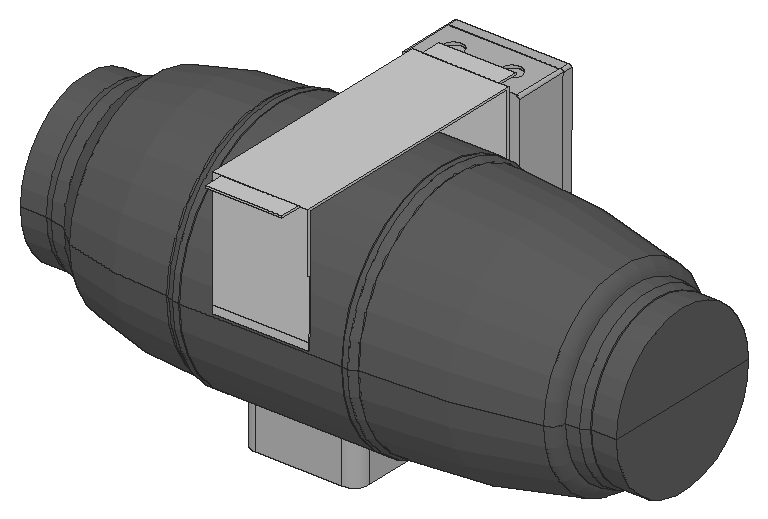
Revit family "VENTS-TT_SILENT_M_EC", category Mechanical Equipment, Revit 2019
Family settings
  Round Connector Dimension = Use Diameter
  Classification = None
  Part Type = Breaks Into
  OmniClass Number = 23.75.35.17.11
  OmniClass Title = Fans for Air Ductwork
  Work Plane-Based = No
  Always vertical = No
  Cut with Voids When Loaded = No
  Shared = No
  Room Calculation Point = No
Parameters (values of type "TT Silent-M 160 EC")
  Weight = 6.00 kg
  Voltage = 230 V
  URL = "https://ventilation-system.com/product/tt-silent-m-160-ec"
  Type Comments = "Inline mixed-flow fan TT Silent-M 160 EC"
  Transported Air Temperature (°C) = "-25...+55"
  RPM (min-1) = 3390
  R1 = D1 / 2  # 122 mm
  Protection rating = "IPX4"
  Power Factor = 1
  Number of Poles = 1
  Noise Level at 3 m (dBa) = 38
  Mounting Hanger [instance] = yes
  Maintenance Zone Length Calc = if(Maintenance Zone Length < L, L, Maintenance Zone Length)  # 600 mm
  L27 = 6 mm
  L26 = 8 mm
  L25 = L21 - L22 - L23 - L24 - L26 - L27  # 163 mm
  L24 = 11 mm
  L21 = 209 mm
  L17 = 6 mm
  L16 = 8 mm
  L15 = L11 - L12 - L13 - L14 - L16 - L17  # 107 mm
  L14 = 21 mm
  L11 = 163 mm
  HangerW = 93 mm
  HangerL1 = 244 mm
  HangerL = 244 mm
  HangerH = HangerBaseH  # 126 mm
  HangerExtraL = yes
  HangerBaseH = 126 mm
  Model = "TT Silent-M 160 EC"
  Manufacturer = "Vents"
  Maintenance Zone Width = 600 mm
  Maintenance Zone Material = Maintenance Zone
  Maintenance Zone Length = 600 mm
  Maintenance Zone Height = 600 mm
  Maintenance Zone [instance] = no
  Load Classification = HVAC
  L23 = 13 mm
  L22 = 8 mm
  L2 = 25 mm
  L13 = 13 mm
  L12 = 8 mm
  L1 = 25 mm
  L = 580 mm
  Hanger Material = Metal Zinc
  Flow direction symbol [instance] = yes
  Flow Factor [instance] = 1  # constant formula
  Family Version = "1.0"  # constant formula
  ElBoxW = 150 mm
  ElBoxType2 = yes
  ElBoxType1 = yes
  ElBoxR = 15 mm  # constant formula
  ElBoxL = 114 mm
  ElBoxH = 137 mm
  Distribution Box Material = Distribution Box Dark Grey
  Description = "Inline mixed-flow fan in sound- and heat-insulated casing for round ducts"
  Dd26 = 39 mm
  Dd24 = 17 mm
  Dd22 = 3 mm
  Dd23 = 5 mm
  Dd16 = 39 mm
  Dd14 = 23 mm
  Dd13 = 5 mm
  Dd12 = 3 mm
  D1 = 244 mm
  D = 160 mm
  Copyright = "©Vents"
  Duct Connection Size = 160 mm
  Fan Material = Metal Black
  Maximum Air Flow = 600 m³/h
  Air Flow [instance] = 0 m³/h
  Power = 55 W
  Current = 0.48 A
  Apparent Power = Power / Power Factor  # 55 VA
Types (7, lengths in mm): name | Weight | URL | Type Comments | RPM (min-1) | R1 | Noise Level at 3 m (dBa) | Maintenance Zone Length Calc | L27 | L26 | L25 | L24 | L21 | L17 | L16 | L15 | L14 | L11 | HangerW | HangerL1 | HangerL | HangerH | HangerExtraL | HangerBaseH | Model | L2 | L13 | L12 | L1 | L | ElBoxW | ElBoxType1 | ElBoxL | ElBoxH | Dd26 | Dd24 | Dd22 | Dd23 | Dd16 | Dd14 | Dd13 | Dd12 | D1 | D | Duct Connection Size | Maximum Air Flow | Power | Current | Apparent Power
  TT Silent-M 100 EC | 4.90 kg | "https://ventilation-system.com/product/tt-silent-m-100-ec" | "Inline mixed-flow fan TT Silent-M 100 EC" | 3680 | 107 | 37 | 600 | 6 | 8 | 110 | 39 | 184 | 6 | 8 | 70 | 34 | 139 | 93 | 214 | 214 | 113 | yes | 113 | "TT Silent-M 100 EC" | 25 | 13 | 8 | 25 | 505 | 116 | yes | 98 | 124 | 54 | 39 | 3 | 4 | 54 | 39 | 4 | 3 | 214 | 100 | 100 | 300 m³/h | 30 W | 0.29 A | 30 VA
  TT Silent-M 125 EC | 4.80 kg | "https://ventilation-system.com/product/tt-silent-m-125-ec" | "Inline mixed-flow fan TT Silent-M 125 EC" | 3750 | 107 | 43 | 600 | 6 | 8 | 110 | 24 | 169 | 6 | 8 | 64 | 24 | 123 | 93 | 214 | 214 | 113 | yes | 113 | "TT Silent-M 125 EC" | 25 | 13 | 8 | 25 | 474 | 116 | yes | 98 | 124 | 41 | 26 | 3 | 4 | 41 | 28 | 4 | 3 | 214 | 125 | 125 | 450 m³/h | 40 W | 0.37 A | 40 VA
  TT Silent-M 150 EC | 6.00 kg | "https://ventilation-system.com/product/tt-silent-m-150-ec" | "Inline mixed-flow fan TT Silent-M 150 EC" | 3390 | 122 | 38 | 600 | 6 | 8 | 163 | 11 | 209 | 6 | 8 | 109 | 19 | 163 | 93 | 244 | 244 | 126 | yes | 126 | "TT Silent-M 150 EC" | 25 | 13 | 8 | 25 | 580 | 150 | yes | 114 | 137 | 44 | 22 | 3 | 4 | 45 | 28 | 4 | 3 | 244 | 150 | 150 | 600 m³/h | 55 W | 0.48 A | 55 VA
  TT Silent-M 160 EC | 6.00 kg | "https://ventilation-system.com/product/tt-silent-m-160-ec" | "Inline mixed-flow fan TT Silent-M 160 EC" | 3390 | 122 | 38 | 600 | 6 | 8 | 163 | 11 | 209 | 6 | 8 | 107 | 21 | 163 | 93 | 244 | 244 | 126 | yes | 126 | "TT Silent-M 160 EC" | 25 | 13 | 8 | 25 | 580 | 150 | yes | 114 | 137 | 39 | 17 | 3 | 5 | 39 | 23 | 5 | 3 | 244 | 160 | 160 | 600 m³/h | 55 W | 0.48 A | 55 VA
  TT Silent-M 200 EC | 8.60 kg | "https://ventilation-system.com/product/tt-silent-m-200-ec" | "Inline mixed-flow fan TT Silent-M 200 EC" | 3390 | 146.5 | 43 | 600 | 9 | 6 | 122 | 21 | 179 | 9 | 6 | 116 | 10 | 148 | 135 | 275 | 344 | 149 | no | 149 | "TT Silent-M 200 EC" | 30 | 4 | 3 | 30 | 558 | 104 | no | 104 | 53 | 44 | 27 | 4 | 5 | 44 | 9 | 2 | 1 | 293 | 200 | 200 | 1040 m³/h | 123 W | 1.02 A | 123 VA
  TT Silent-M 250 EC | 12.50 kg | "https://ventilation-system.com/product/tt-silent-m-250-ec" | "Inline mixed-flow fan TT Silent-M 250 EC" | 2870 | 179 | 42 | 664 | 9 | 6 | 159 | 23 | 218 | 9 | 6 | 144 | 10 | 176 | 150 | 332 | 402 | 182 | no | 182 | "TT Silent-M 250 EC" | 32 | 4 | 3 | 32 | 664 | 104 | no | 104 | 53 | 52 | 30 | 5 | 6 | 52 | 6 | 2 | 1 | 358 | 250 | 250 | 1285 m³/h | 169 W | 1.38 A | 169 VA
  TT Silent-M 315 EC | 19.80 kg | "https://ventilation-system.com/product/tt-silent-m-315-ec" | "Inline mixed-flow fan TT Silent-M 315 EC" | 2826 | 216 | 46 | 785 | 10 | 6 | 154 | 27 | 218 | 10 | 6 | 153 | 10 | 195 | 200 | 396 | 478 | 219 | no | 219 | "TT Silent-M 315 EC" | 32 | 8 | 8 | 32 | 785 | 104 | no | 104 | 53 | 52 | 30 | 5 | 6 | 55 | 6 | 2 | 1 | 432 | 315 | 315 | 1970 m³/h | 284 W | 1.25 A | 284 VA
Reference planes
  plane 1 "Center (Front/Back)": y = 0
  plane 2: z = 0
  plane 3 "Center (Left/Right)": x = 0
  plane 4: y = 80
  plane 5: y = -80
  plane 6: y = 122
  plane 7: y = -122
  plane 8: x = 580
  plane 9 "C": x = 346
  plane 10: x = 188
  plane 11 "CenterL": x = 290
  plane 12: x = 25
  plane 13: x = 182
  plane 14: y = 83
  plane 15 "CenterOfCentralPart": x = 267
  plane 16: y = 75
  plane 17: y = -75
  plane 18: x = 210
  plane 19: x = 324
  plane 20 "ElBoxHeight": z = -137
  plane 21 "HangerHeight": z = 126
  plane 22: y = 85
  plane 23: y = 103
  plane 24: x = 67
  plane 25: x = 46
  plane 26: x = 33
  plane 27: x = 174
  plane 28: y = 119
  plane 29: x = 175
  plane 30: x = 352
  plane 31: y = 83
  plane 32: y = 85
  plane 33: y = 97
  plane 34: x = 523
  plane 35: x = 534
  plane 36: x = 547
  plane 37: x = 360
  plane 38: y = 119
  plane 39: x = 359
  plane 40: x = 555
Forms (mm)
  Revolve 1, solid, material "Metal Black" <- "Fan Material", detail levels medium+fine
    sketch origin (368, 0, 0) x (1, 0, 0) y (0, 1, 0)
      loop
        line (-343, 0) -> (-180, 0) -> (-180, 122) -> (-186, 122) -> (-193, 119) -> (-194, 119)
        arc (-194, 119) -> (-248.095, 114.978) -> (-301, 103) r 365.781
        arc (-301, 103) -> (-311.675, 94.204) -> (-322, 85) r 355.908
        line (-322, 85) -> (-335, 83) -> (-343, 80) -> (-343, 0)
      axis (-180, 0) -> (-343, 0)
    angle from 0 to 360
  Revolve 2, solid, material "Metal Black" <- "Fan Material", detail levels medium+fine
    sketch origin (368, 0, 0) x (1, 0, 0) y (0, 1, 0)
      loop
        line (187, 80) -> (187, 0) -> (212, 0) -> (212, 80) -> (187, 80)
      axis (212, 0) -> (187, 0)
    angle from 0 to 360
  Revolve 3, solid, material "Metal Black" <- "Fan Material", detail levels medium+fine
    sketch origin (368, 0, 0) x (1, 0, 0) y (0, 1, 0)
      loop
        line (-368, 80) -> (-368, 0) -> (-343, 0) -> (-343, 80) -> (-368, 80)
      axis (-343, 0) -> (-368, 0)
    angle from 0 to 360
  Revolve 4, solid, material "Metal Black" <- "Fan Material", detail levels medium+fine
    sketch origin (0, 0, 0) x (1, 0, 0) y (0, 1, 0)
      loop
        line (188, 122) -> (188, 0) -> (346, 0) -> (346, 122) -> (188, 122)
      axis (188, 0) -> (346, 0)
    angle from 0 to 360
  Extrusion 5, solid, material "Distribution Box Dark Grey" <- "Distribution Box Material", visible <- "ElBoxType1", detail levels medium+fine
    sketch origin (0, 0, 0) x (1, 0, 0) y (0, 1, 0)
      loop
        arc (225, 75) -> (214.393, 70.607) -> (210, 60) r 15
        line (210, 60) -> (210, -60)
        arc (210, -60) -> (214.393, -70.607) -> (225, -75) r 15
        line (225, -75) -> (309, -75)
        arc (309, -75) -> (319.607, -70.607) -> (324, -60) r 15
        line (324, -60) -> (324, 60)
        arc (324, 60) -> (319.607, 70.607) -> (309, 75) r 15
        line (309, 75) -> (225, 75)
    from 0 to -137
  Revolve 6, solid, material "Metal Black" <- "Fan Material", detail levels medium+fine
    sketch origin (117, 0, 0) x (-1, 0, 0) y (0, 1, 0)
      loop
        line (-438, 0) -> (-229, 0) -> (-229, 122) -> (-235, 122) -> (-242, 119) -> (-243, 119)
        arc (-243, 119) -> (-325.239, 113.475) -> (-406, 97) r 614.841
        arc (-406, 97) -> (-413.227, 92.583) -> (-417, 85) r 15.31
        line (-417, 85) -> (-430, 83) -> (-438, 80) -> (-438, 0)
      axis (-229, 0) -> (-438, 0)
    angle from 0 to 360
Cuts and joins
  joined: Revolve 1, Revolve 3
Dimensions and locks
  equal spacing: plane 4, plane 1 "Center (Front/Back)", plane 5
  "D": plane 4 to plane 5
  equal spacing: plane 7, plane 1 "Center (Front/Back)", plane 6
  "D1": plane 6 to plane 7
  "L": plane 3 "Center (Left/Right)" to plane 8
  equal spacing: plane 3 "Center (Left/Right)", plane 11 "CenterL", plane 8
  "L1": plane 3 "Center (Left/Right)" to plane 12
  "Dd12": plane 14 to plane 4
  equal spacing: plane 10, plane 15 "CenterOfCentralPart", plane 9 "C"
  equal spacing: plane 17, plane 1 "Center (Front/Back)", plane 16
  "ElBoxW": plane 16 to plane 17
  equal spacing: plane 18, plane 15 "CenterOfCentralPart", plane 19
  "ElBoxL": plane 18 to plane 19
  "ElBoxH": level to plane 20 "ElBoxHeight"
  "HangerBaseH": plane 21 "HangerHeight" to level
  "Dd13": plane 22 to plane 4
  "Dd14": plane 23 to plane 4
  "L11": plane 12 to plane 10
  "L12": plane 12 to plane 26
  "L13": plane 26 to plane 25
  "L14": plane 25 to plane 24
  "L17": plane 13 to plane 10
  "L16": plane 27 to plane 13
  "Dd16": plane 28 to plane 4
  locked: plane 27 to plane 29 at 1
  "L23": plane 36 to plane 35
  "L24": plane 35 to plane 34
  "L26": plane 37 to plane 30
  locked: plane 37 to plane 39 at 1
  "L2": plane 40 to plane 8
  "L21": plane 9 "C" to plane 40
  "L22": plane 36 to plane 40
  "L27": plane 9 "C" to plane 30
  "Dd22": plane 31 to plane 4
  "Dd23": plane 32 to plane 4
  "Dd24": plane 33 to plane 4
  "Dd26": plane 38 to plane 4
  locked: nested 6 to plane 15 "CenterOfCentralPart"
  locked: nested 6 to nested 5 at 5
  "ElBoxR": radius of Extrusion 5 sketch curve  (x4)
  aligned and locked: level to plane 2
  aligned and locked: Revolve 2 sketch curve to plane 4
  aligned and locked: Revolve 2 sketch curve to plane 8
  aligned and locked: Revolve 2 sketch curve to plane 1 "Center (Front/Back)"
  aligned and locked: Revolve 3 sketch curve to plane 4
  aligned and locked: Revolve 3 sketch curve to plane 1 "Center (Front/Back)"
  aligned and locked: plane 3 "Center (Left/Right)" to Revolve 3 sketch curve
  aligned and locked: plane 1 "Center (Front/Back)" to nested 1
  aligned and locked: nested 2 to level
  aligned and locked: plane 1 "Center (Front/Back)" to nested 3
  aligned and locked: nested 3 to plane 3 "Center (Left/Right)"
  aligned and locked: plane 1 "Center (Front/Back)" to nested 4
  aligned and locked: Revolve 4 sketch curve to plane 6
  aligned and locked: Revolve 4 sketch curve to nested 4
  aligned and locked: Revolve 4 sketch curve to Revolve 4 sketch curve  (x2)
  aligned and locked: plane 11 "CenterL" to nested 4
  aligned and locked: Revolve 4 sketch curve to plane 9 "C"
  aligned and locked: plane 15 "CenterOfCentralPart" to nested 1
  aligned and locked: Extrusion 5 sketch curve to plane 16
  aligned and locked: plane 18 to Extrusion 5 sketch curve
  aligned and locked: plane 17 to Extrusion 5 sketch curve
  aligned and locked: Extrusion 5 sketch curve to plane 19
  aligned and locked: Extrusion 5 to plane 20 "ElBoxHeight"
  aligned and locked: plane 15 "CenterOfCentralPart" to nested 2
  aligned and locked: nested 5 to plane 1 "Center (Front/Back)"
  aligned and locked: plane 15 "CenterOfCentralPart" to nested 5
  aligned and locked: Revolve 1 sketch curve to plane 1 "Center (Front/Back)"
  aligned and locked: plane 4 to Revolve 1 sketch curve
  aligned and locked: plane 1 "Center (Front/Back)" to Revolve 1 sketch curve
  aligned and locked: Revolve 1 sketch curve to plane 6
  aligned and locked: plane 29 to Revolve 1 sketch curve
  aligned and locked: plane 28 to Revolve 1 sketch curve
  aligned and locked: Revolve 6 sketch curve to plane 39
  aligned and locked: Revolve 6 sketch curve to plane 38
  aligned and locked: Revolve 2 to plane 40
Automatic sketch dimensions
  plane 1 "Center (Front/Back)" to Revolve 2 sketch curve = 0 mm
  Revolve 2 sketch curve to plane 8 = 25 mm
  Revolve 2 sketch curve to plane 3 "Center (Left/Right)" = 1632 mm
  Revolve 2 sketch curve to Revolve 2 sketch curve = 2138 mm
  plane 1 "Center (Front/Back)" to Revolve 3 sketch curve = 0 mm
  Revolve 3 sketch curve to plane 12 = 0 mm
  Revolve 3 sketch curve to plane 3 "Center (Left/Right)" = 1646 mm
  plane 8 to Revolve 3 sketch curve = 2149 mm
  Revolve 4 sketch curve to plane 10 = 0 mm
  Revolve 4 sketch curve to plane 11 "CenterL" = 0 mm
  Revolve 1 sketch curve to plane 12 = 0 mm
  Revolve 1 sketch curve to plane 14 = 0 mm
  Revolve 1 sketch curve to plane 26 = 0 mm
  Revolve 1 sketch curve to plane 22 = 0 mm
  Revolve 1 sketch curve to plane 25 = 0 mm
  Revolve 1 sketch curve to plane 23 = 0 mm
  Revolve 1 sketch curve to plane 24 = 0 mm
  Revolve 1 sketch curve to plane 27 = 0 mm
  Revolve 1 sketch curve to plane 13 = 0 mm
  Revolve 1 sketch curve to plane 10 = 0 mm
  Revolve 1 sketch curve to plane 11 "CenterL" = 2.053 mm
  Revolve 1 sketch curve to plane 3 "Center (Left/Right)" = 2000 mm
  plane 8 to Revolve 1 sketch curve = 1495 mm
  plane 1 "Center (Front/Back)" to Revolve 6 sketch curve = 0 mm  (x2)
  Revolve 6 sketch curve to plane 40 = 0 mm
  plane 31 to Revolve 6 sketch curve = 0 mm
  Revolve 6 sketch curve to plane 36 = 0 mm
  plane 32 to Revolve 6 sketch curve = 0 mm
  Revolve 6 sketch curve to plane 35 = 0 mm
  plane 33 to Revolve 6 sketch curve = 0 mm  (x2)
  Revolve 6 sketch curve to plane 34 = 0 mm
  Revolve 6 sketch curve to plane 37 = 0 mm
  Revolve 6 sketch curve to plane 6 = 0 mm
  Revolve 6 sketch curve to plane 30 = 0 mm
  Revolve 6 sketch curve to plane 9 "C" = 0 mm
  plane 4 to Revolve 6 sketch curve = 0 mm
  Revolve 6 sketch curve to plane 8 = 1980 mm
  plane 3 "Center (Left/Right)" to Revolve 6 sketch curve = 1515 mm
Nested families
  nested 1: "GraphicalSymbol_Fun_FlowDirection" at (267, 0, 0), visible <- "Flow direction symbol", type "GraphicalSymbol_Fun_FlowDirection", detail levels medium+fine
    with Length 50 mm, Height 50 mm, B 25 mm, A 16.667 mm
  nested 2: "GraphicalSymbol_Fun_FlowDirection" at (267, 0, 0) x (1, 0, 0) z (0, -1, 0), type "GraphicalSymbol_Fun_FlowDirection"
    with Length 50 mm, Height 50 mm, B 25 mm, A 16.667 mm
  nested 3: "GraphicalSymbol_Fan_1" at (290, 0, 0), type "GraphicalSymbol_Fan_1", detail levels coarse
    with Diameter 580 mm, A 145 mm
  nested 4: "MaintenanceZone_Rect" at (290, 0, 0), visible <- "Maintenance Zone", type "MaintenanceZone_Rect", detail levels medium+fine
    with Maintenance Zone Width 600 mm, Maintenance Zone Length 600 mm, Maintenance Zone Height 600 mm
  nested 5: "MountingHanger" at (267, 0, 126) x (0, 1, 0) z (0, 0, -1), visible <- "Mounting Hanger", type "MountingHanger", detail levels medium+fine
    with Width1 74.4 mm, Width 93 mm, Length2 284 mm, Length 244 mm, Lenght1Calc 243.5 mm, Length1 244 mm, Height 126 mm, ExtraLength yes
  nested 6: "DistributionBox" at (267, 121.866, 64) x (1, 0, 0) z (0, 1, -0.0022), visible <- "ElBoxType2", type "DistributionBox", detail levels medium+fine
    with Hcon 26.5 mm, H1 53 mm, ConD 20 mm, ConB 28.5 mm, ConA 28.5 mm, B 114 mm, A 114 mm
Connectors
  hvac at (0, 0, 0), driven by "Duct Connection Size", driven by "Air Flow"
    settings: on cut or joined group of Revolve 1, Revolve 3, index 4, duct flow 0 m³/h, flow factor 0, pres drop 0.0 Pa, loss coef 0, conn angle 0.00°, conn width 304.8 mm, conn height 304.8 mm, conn diameter 160 mm, duct sys type 29, conn prof type 0, flow config 0, flow direction 0, loss method 0, conn ref index 5, conn util no, is conn primary yes, conn desc ""
  hvac at (580, 0, 0), driven by "Duct Connection Size"
    settings: on Revolve 2, index 5, duct flow 0 m³/h, flow factor 0, pres drop 0.0 Pa, loss coef 0, conn angle 0.00°, conn width 304.8 mm, conn height 304.8 mm, conn diameter 160 mm, duct sys type 28, conn prof type 0, flow config 0, flow direction 0, loss method 0, conn ref index 4, conn util no, is conn primary no, conn desc ""
  electrical at (267, 148.243, 6.943), driven by "Number of Poles", driven by "Load Classification", driven by "Voltage", driven by "Apparent Power", driven by "Power Factor"
    settings: on nested 6, index 6, voltage 230 V, apparent load 55 VA, apparent load phase1 0 VA, apparent load phase2 0 VA, apparent load phase3 0 VA, power factor 1, load classification "HVAC", number of poles 1, system type 30, power factor state 1, is connector primary yes, connector utility no, sub classification motor no, connector description ""
Definition of nested family "MaintenanceZone_Rect"
  Parameters (values of type "MaintenanceZone_Rect")
    Maintenance Zone Width = 500 mm
    Material = none
    Maintenance Zone Length = 1000 mm
    Maintenance Zone Height = 300 mm
    Family Version = ""
    Default Elevation = 1219.2 mm
    Copyright = ""
  Reference planes
    plane 1 "Center (Front/Back)": y = 0
    plane 2: z = 0
    plane 3 "Center (Left/Right)": x = 0
    plane 4: x = -500
    plane 5: x = 500
    plane 6: y = 250
    plane 7: y = -250
    plane 8: z = -300
  Forms (mm)
    Extrusion 1, solid, material <- "Material", detail levels medium+fine
      sketch origin (0, 0, 0) x (1, 0, 0) y (0, 1, 0)
        loop
          line (-500, 250) -> (-500, -250) -> (500, -250) -> (500, 250) -> (-500, 250)
      from 0 to -300
  Lines and regions (mm)
    symbolic lines, detail levels medium+fine
      curve 1: line (-500, 0, 0) -> (500, 0, 0)
      curve 2: line (-500, 0, -300) -> (-500, 0, 0)
      curve 3: line (500, 0, -300) -> (-500, 0, -300)
      curve 4: line (500, 0, 0) -> (500, 0, -300)
      curve 5: line (0, 250, 0) -> (0, -250, 0)
      curve 6: line (0, 250, -300) -> (0, 250, 0)
      curve 7: line (0, -250, -300) -> (0, 250, -300)
      curve 8: line (0, -250, 0) -> (0, -250, -300)
      curve 9: line (-500, 250, 0) -> (500, 250, 0)
      curve 10: line (-500, -250, 0) -> (-500, 250, 0)
      curve 11: line (500, -250, 0) -> (-500, -250, 0)
      curve 12: line (500, 250, 0) -> (500, -250, 0)
  Dimensions and locks
    equal spacing: plane 6, plane 1 "Center (Front/Back)", plane 7
    equal spacing: plane 4, plane 3 "Center (Left/Right)", plane 5
    "Maintenance Zone Width": plane 6 to plane 7
    "Maintenance Zone Length": plane 4 to plane 5
    "Maintenance Zone Height": plane 2 to plane 8
    aligned and locked: level to plane 2
    aligned and locked: Extrusion 1 sketch curve to plane 6
    aligned and locked: plane 4 to Extrusion 1 sketch curve
    aligned and locked: plane 7 to Extrusion 1 sketch curve
    aligned and locked: Extrusion 1 sketch curve to plane 5
    aligned and locked: Extrusion 1 to plane 8
    aligned and locked: curve 1 to Extrusion 1
    aligned and locked: curve 2 to Extrusion 1
    aligned and locked: curve 3 to Extrusion 1
    aligned and locked: curve 4 to Extrusion 1
    aligned and locked: curve 5 to Extrusion 1
    aligned and locked: curve 6 to Extrusion 1
    aligned and locked: curve 7 to Extrusion 1
    aligned and locked: curve 8 to Extrusion 1
    aligned and locked: curve 9 to Extrusion 1
    aligned and locked: curve 10 to Extrusion 1
    aligned and locked: curve 11 to Extrusion 1
    aligned and locked: curve 12 to Extrusion 1
Definition of nested family "MountingHanger"
  Parameters (values of type "MountingHanger")
    Width1 = Width * 0.8  # 160 mm
    Width = 200 mm
    Thikness = 2 mm
    Material = none
    Length2 = Length + 20 mm * 2  # 518 mm
    Length = 478 mm
    Lenght1Calc = if(Length1 = Length, Length - 0.5 mm, Length1)  # 396 mm
    Length1 = 396 mm
    Height1 = 10 mm
    Height = 219 mm
    ExtraLength = no
    Default Elevation = 1219.2 mm
  Reference planes
    plane 1 "Center (Front/Back)": y = 0
    plane 2: z = 0
    plane 3 "Center (Left/Right)": x = 0
    plane 4: x = -239
    plane 5: x = 239
    plane 6: y = 100
    plane 7: y = -100
    plane 8: z = 219
    plane 9: x = -198
    plane 10: x = 198
    plane 11: z = 209
    plane 12: y = 80
    plane 13: y = -80
    plane 14: x = -259
    plane 15: x = 259
    plane 16: x = -239
    plane 17: x = 239
  Forms (mm)
    Extrusion 1, solid, material <- "Material"
      sketch origin (0, 0, 0) x (1, 0, 0) y (0, 0, 1)
        loop
          line (-198, 209) -> (-239, 0) -> (239, 0) -> (198, 209) -> (198, 219) -> (196, 219) -> (196, 208.806) -> (236.57, 2) -> (-236.57, 2) -> (-196, 208.806) -> (-196, 219) -> (-198, 219) -> (-198, 209)
      from -100 to 100
    Extrusion 2, solid, material <- "Material", visible <- "ExtraLength"
      sketch origin (0, 0, 0) x (1, 0, 0) y (0, 1, 0)
        loop
          line (-259, 80) -> (-259, -80) -> (-239, -80) -> (-239, 80) -> (-259, 80)
        loop
          line (239, 80) -> (239, -80) -> (259, -80) -> (259, 80) -> (239, 80)
      from 0 to 2
  Dimensions and locks
    equal spacing: plane 4, plane 3 "Center (Left/Right)", plane 5
    "Length": plane 4 to plane 5
    plane 8 to level = 219 mm
    equal spacing: plane 6, plane 1 "Center (Front/Back)", plane 7
    "Width": plane 6 to plane 7
    "Height": plane 8 to level
    "Thikness": Extrusion 1 sketch curve to level
    "Thikness": Extrusion 1 sketch curve to Extrusion 1 sketch curve  (x2)
    "Thikness": Extrusion 1 sketch curve to plane 9
    "Thikness": plane 10 to Extrusion 1 sketch curve
    equal spacing: plane 9, plane 3 "Center (Left/Right)", plane 10
    "Lenght1Calc": plane 9 to plane 10
    "Height1": plane 8 to plane 11
    equal spacing: plane 12, plane 1 "Center (Front/Back)", plane 13
    "Width1": plane 12 to plane 13
    equal spacing: plane 14, plane 3 "Center (Left/Right)", plane 15
    "Length2": plane 14 to plane 15
    "Thikness": Extrusion 2 to level
    equal spacing: plane 16, plane 3 "Center (Left/Right)", plane 17
    "Length": plane 16 to plane 17
    aligned and locked: level to plane 2
    aligned and locked: plane 6 to Extrusion 1
    aligned and locked: Extrusion 1 to plane 7
    aligned and locked: plane 9 to Extrusion 1 sketch curve
    aligned and locked: plane 10 to Extrusion 1 sketch curve
    aligned and locked: Extrusion 2 sketch curve to plane 12  (x2)
    aligned and locked: plane 14 to Extrusion 2 sketch curve
    aligned and locked: plane 13 to Extrusion 2 sketch curve  (x2)
    aligned and locked: Extrusion 2 sketch curve to plane 16
    aligned and locked: plane 17 to Extrusion 2 sketch curve
    aligned and locked: Extrusion 2 sketch curve to plane 15
  Automatic sketch dimensions
    Extrusion 1 sketch curve to level = 0 mm
    Extrusion 1 sketch curve to plane 4 = 0 mm
    Extrusion 1 sketch curve to plane 5 = 0 mm
    Extrusion 1 sketch curve to plane 11 = 0 mm  (x2)
    Extrusion 1 sketch curve to plane 8 = 0 mm  (x2)
Definition of nested family "DistributionBox"
  Parameters (values of type "DistributionBox")
    Hcover = 10 mm
    Hcon = H1 / 2  # 12.5 mm
    H1 = 25 mm
    Distribution Box Material = none
    Default Elevation = 1219.2 mm
    ConD = 12 mm
    ConB = B / 4  # 12.5 mm
    ConA = A / 4  # 12.5 mm
    B = A  # 50 mm
    A = 50 mm
  Reference planes
    plane 1 "Center (Front/Back)": y = 0
    plane 2: z = 0
    plane 3 "Center (Left/Right)": x = 0
    plane 4: x = -25
    plane 5: x = 25
    plane 6 "Back": y = 25
    plane 7 "Front": y = -25
    plane 8: z = 25
    plane 9: z = 35
    plane 10: x = -12.5
    plane 11: x = 12.5
    plane 12: y = 12.5
    plane 13: y = -12.5
    plane 14: z = 12.5
  Forms (mm)
    Extrusion 1, solid, material <- "Distribution Box Material"
      sketch origin (0, 0, 0) x (1, 0, 0) y (0, 1, 0)
        loop
          arc (-22, 25) -> (-24.121, 24.121) -> (-25, 22) r 3
          line (-25, 22) -> (-25, -22)
          arc (-25, -22) -> (-24.121, -24.121) -> (-22, -25) r 3
          line (-22, -25) -> (22, -25)
          arc (22, -25) -> (24.121, -24.121) -> (25, -22) r 3
          line (25, -22) -> (25, 22)
          arc (25, 22) -> (24.121, 24.121) -> (22, 25) r 3
          line (22, 25) -> (-22, 25)
      from 0 to 25
    Extrusion 2, solid, material <- "Distribution Box Material"
      sketch origin (0, 0, 0) x (1, 0, 0) y (0, 1, 0)
        loop
          arc (-22, 25) -> (-24.121, 24.121) -> (-25, 22) r 3
          line (-25, 22) -> (-25, -22)
          arc (-25, -22) -> (-24.121, -24.121) -> (-22, -25) r 3
          line (-22, -25) -> (22, -25)
          arc (22, -25) -> (24.121, -24.121) -> (25, -22) r 3
          line (25, -22) -> (25, 22)
          arc (25, 22) -> (24.121, 24.121) -> (22, 25) r 3
          line (22, 25) -> (-22, 25)
      from 25 to 35
    Extrusion 3, void
      sketch origin (-568.953, -25, 1200) x (1, 0, 0) y (0, 0, 1)
        loop
          circle (556.453, -1187.5) r 6
        loop
          circle (581.453, -1187.5) r 6
      from -2.025 to 0
    Extrusion 4, void
      sketch origin (0, 25, 0) x (-1, 0, 0) y (0, 0, 1)
        loop
          circle (-12.5, 12.5) r 6
        loop
          circle (12.5, 12.5) r 6
      from 0 to -2
  Cuts and joins
    Extrusion 3, Extrusion 4 cuts Extrusion 1
    Extrusion 3 cuts Extrusion 2
  Dimensions and locks
    equal spacing: plane 6 "Back", plane 1 "Center (Front/Back)", plane 7 "Front"
    equal spacing: plane 4, plane 3 "Center (Left/Right)", plane 5
    "A": plane 6 "Back" to plane 7 "Front"
    "B": plane 4 to plane 5
    "H1": level to plane 8
    "Hcover": plane 8 to plane 9
    "ConA": plane 1 "Center (Front/Back)" to plane 12
    "ConA": plane 13 to plane 1 "Center (Front/Back)"
    "ConB": plane 10 to plane 3 "Center (Left/Right)"
    "ConB": plane 3 "Center (Left/Right)" to plane 11
    "Hcon": plane 14 to level
    "ConD": diameter of Extrusion 3 sketch curve  (x2)
    "ConD": diameter of Extrusion 4 sketch curve  (x2)
    aligned and locked: level to plane 2
    aligned and locked: Extrusion 1 sketch curve to plane 6 "Back"
    aligned and locked: plane 4 to Extrusion 1 sketch curve
    aligned and locked: plane 7 "Front" to Extrusion 1 sketch curve
    aligned and locked: Extrusion 1 sketch curve to plane 5
    aligned and locked: plane 8 to Extrusion 1
    aligned and locked: plane 4 to Extrusion 2 sketch curve
    aligned and locked: Extrusion 2 sketch curve to plane 5
    aligned and locked: Extrusion 2 sketch curve to plane 6 "Back"
    aligned and locked: plane 7 "Front" to Extrusion 2 sketch curve
    aligned and locked: Extrusion 2 to plane 8
    aligned and locked: plane 9 to Extrusion 2
  Automatic sketch dimensions
    Extrusion 1 sketch curve to Extrusion 1 sketch curve = 3 mm  (x2)
    Extrusion 1 sketch curve to plane 5 = 3 mm  (x2)
    plane 4 to Extrusion 2 sketch curve = 3 mm
    Extrusion 2 sketch curve to Extrusion 2 sketch curve = 3 mm
    Extrusion 2 sketch curve to plane 5 = 3 mm  (x2)
    Extrusion 3 sketch curve to plane 10 = 0 mm
    Extrusion 3 sketch curve to plane 11 = 0 mm
    Extrusion 3 sketch curve to plane 14 = 0 mm  (x2)
    Extrusion 4 sketch curve to plane 11 = 0 mm
    Extrusion 4 sketch curve to plane 10 = 0 mm
    Extrusion 4 sketch curve to plane 14 = 0 mm  (x2)
Definition of nested family "GraphicalSymbol_Fun_FlowDirection"
  Parameters (values of type "GraphicalSymbol_Fun_FlowDirection")
    Length = 100 mm
    Height = Length  # 100 mm
    B = Length / 2  # 50 mm
    A = Length / 3  # 33.333 mm
  Reference planes
    plane 1 "Center (Front/Back)": y = 0
    plane 2: z = 0
    plane 3 "Center (Left/Right)": x = 0
    plane 4: x = -33.333
    plane 5: x = 50
    plane 6: y = 50
    plane 7: y = -50
  Lines and regions (mm)
    detail lines, in view "Ref. Level"
      curve 1: line (-33.333, 50, 0) -> (-33.333, -50, 0)
      curve 2: line (50, 0, 0) -> (-33.333, -50, 0)
      curve 3: line (50, 0, 0) -> (-33.333, 50, 0)
  Dimensions and locks
    "A": plane 4 to plane 3 "Center (Left/Right)"
    "B": plane 3 "Center (Left/Right)" to plane 5
    equal spacing: plane 6, plane 1 "Center (Front/Back)", plane 7
    "Height": plane 6 to plane 7
    aligned and locked: curve 1 to plane 4
  Automatic sketch dimensions
    plane 1 "Center (Front/Back)" to curve 3 = 0 mm
    curve 3 to plane 5 = 0 mm
    curve 2 to plane 7 = 0 mm
    curve 3 to plane 6 = 0 mm
Definition of nested family "GraphicalSymbol_Fan_1"
  Parameters (values of type "GraphicalSymbol_Fan_1")
    Diameter = 100 mm
    Default Elevation = 1219.2 mm
    A = Diameter / 4  # 25 mm
  Reference planes
    plane 1 "Center (Front/Back)": y = 0
    plane 2: z = 0
    plane 3 "Center (Left/Right)": x = 0
    plane 4: x = -25
  Lines and regions (mm)
    model lines
      curve 1: circle (0, 0, 0) r 50 normal (0, 0, 1)
      curve 4: line (-25, 43.301, 0) -> (-25, -43.301, 0)
      curve 5: line (-25, 43.301, 0) -> (50, 0, 0)
      curve 6: line (-25, -43.301, 0) -> (50, 0, 0)
    reference lines
      curve 2: line (50, 141.389, 0) -> (50, -158.611, 0)
      curve 3: line (-50, 141.389, 0) -> (-50, -158.611, 0)
  Dimensions and locks
    equal spacing: curve 3, plane 3 "Center (Left/Right)", curve 2
    "Diameter": curve 3 to curve 2
    "A": plane 4 to plane 3 "Center (Left/Right)"
    "Diameter": diameter of curve 1
    aligned and locked: level to plane 2
  Automatic sketch dimensions
    curve 4 to plane 4 = 0 mm
    plane 1 "Center (Front/Back)" to curve 1 = 0 mm
    curve 1 to plane 3 "Center (Left/Right)" = 0 mm
    plane 1 "Center (Front/Back)" to curve 6 = 0 mm
    plane 1 "Center (Front/Back)" to curve 2 = 158.611 mm
    curve 3 to curve 2 = 0 mm  (x2)
    curve 3 to plane 1 "Center (Front/Back)" = 141.389 mm
